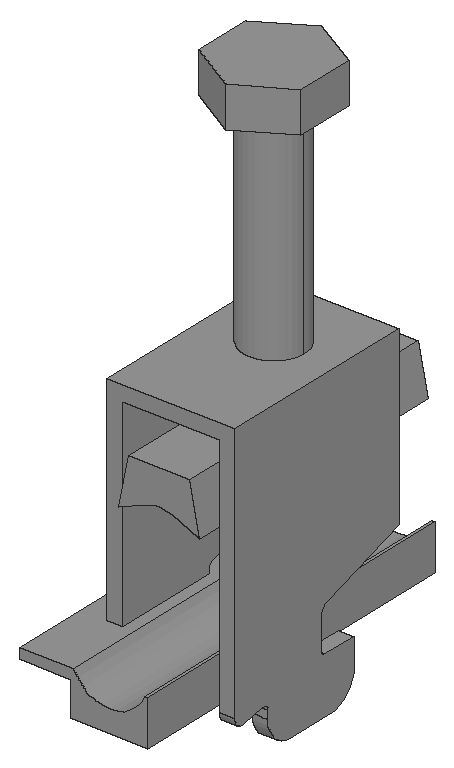
Revit family "Bügelschellen für Schirmanschluss", category Generic Models, Revit 2015
Parameters (values of type "2056N SAS 8 VA")
  Width = 12.467 mm
  URL = "http://www.obo-bettermann.com"
  Radius = 3.8 mm
  Material = Stainless Steel
  Manufacturer Art.No. = "1167006"
  Manufacturer = "OBO Bettermann"
  Length = 20 mm
  Height 5 = 1.543 mm
  Height 4 = 4.4 mm
  Height 3 = 4.8 mm
  Height 2 = 1.4 mm
  Height 1 = 26.3 mm
  Height = 30 mm
  GTIN = "4012195432371"
  Article Type = "2056N SAS 8 VA"
Types (6, lengths in mm): name | Width | Radius | Manufacturer Art.No. | Height 5 | Height 4 | Height 3 | Height 2 | Height 1 | Height | GTIN | Article Type
  (no name) | 12.467 | 3.8 | "1167006" | 1.543 | 4.4 | 4.8 | 1.4 | 26.3 | 30 | "4012195432371" | "2056N SAS 8 VA"
  2056N SAS 8 VA | 12.467 | 3.8 | "1167006" | 1.543 | 4.4 | 4.8 | 1.4 | 26.3 | 30 | "4012195432371" | "2056N SAS 8 VA"
  2056N SAS 12VA | 17 | 5.9 | "1167014" | 1 | 7.4 | 5.3 | 2 | 30.3 | 34 | "4012195432432" | "2056N SAS 12 VA"
  2056N SAS 16VA | 20 | 7.5 | "1167022" | 1.8 | 8.6 | 6.6 | 2.9 | 34.3 | 38 | "4012195432494" | "2056N SAS 16 VA"
  2056N SAS 22 VA | 27 | 11 | "1167030" | 4.2 | 9.7 | 7.6 | 3.6 | 40.3 | 44 | "4012195432555" | "2056N SAS 22 VA"
  2056N SAS 28 VA | 33 | 15 | "1167049" | 6.1 | 11.3 | 9.2 | 5.3 | 47.3 | 51 | "4012195432616" | "2056N SAS 28 VA"
Reference planes
  plane 1 "Center (Front/Back)": y = 0
  plane 2: z = 0
  plane 3 "Center (Left/Right)": x = 0
  plane 4: x = -6.234
  plane 5: x = 6.234
  plane 6: y = 30
  plane 7: y = -30
  plane 8: z = 12.089
  plane 9: z = 38.089
  plane 10: z = 42.089
  plane 11: z = 7.289
  plane 12: y = 16.4
  plane 13: y = -11.4
  plane 14: z = -4
  plane 15: z = -8.4
  plane 16: y = 17.5
  plane 17: y = -17.5
Forms (mm)
  Extrusion 1, solid, material "Stainless Steel" <- "Material"
    sketch origin (0, 0, 0) x (0, 1, 0) y (0, 0, 1)
      loop
        line (10, 17.089) -> (-10, 17.089) -> (-10, -8.26)
        arc (-10, -8.26) -> (-9.648, -8.999) -> (-8.852, -9.19) r 0.951
        line (-8.852, -9.19) -> (-6.599, -8.712)
        arc (-6.599, -8.712) -> (-6.184, -8.811) -> (-6, -9.197) r 0.496
        line (-6, -9.197) -> (-6, -10.038)
        arc (-6, -10.038) -> (-5.158, -12.07) -> (-3.126, -12.911) r 2.874
        line (-3.126, -12.911) -> (1.608, -12.911)
        arc (1.608, -12.911) -> (3.653, -12.064) -> (4.5, -10.019) r 2.892
        line (4.5, -10.019) -> (4.5, -7.411) -> (1.006, -7.411)
        arc (1.006, -7.411) -> (0.648, -7.263) -> (0.5, -6.906) r 0.506
        line (0.5, -6.906) -> (0.5, -3.898)
        arc (0.5, -3.898) -> (0.696, -3.294) -> (1.21, -2.92) r 1.028
        line (1.21, -2.92) -> (10, -0.064) -> (10, 17.089)
    from -6.234 to 6.234
  Extrusion 2, void
    sketch origin (0, 0, 0) x (1, 0, 0) y (0, 0, 1)
      loop
        line (-4.734, 15.589) -> (-4.734, -79.672) -> (4.734, -79.672) -> (4.734, 15.589) -> (-4.734, 15.589)
    from -30 to 30
  Extrusion 3, void
    sketch origin (0, 0, 0) x (1, 0, 0) y (0, 1, 0)
      loop
        circle (0, 2.5) r 3
    from 15.589 to 17.089
  Extrusion 4, solid, material "Stainless Steel" <- "Material"
    sketch origin (0, 0, 0) x (1, 0, 0) y (0, 1, 0)
      loop
        circle (0, 2.5) r 3
    from 12.089 to 38.089
  Extrusion 5, solid, material "Stainless Steel" <- "Material"
    sketch origin (0, 0, 0) x (1, 0, 0) y (0, 1, 0)
      loop
        line (5, 5.387) -> (0, 8.274) -> (-5, 5.387) -> (-5, -0.387) -> (0, -3.274) -> (5, -0.387) -> (5, 5.387)
    from 38.089 to 42.089
  Extrusion 6, solid, material "Stainless Steel" <- "Material"
    sketch origin (0, 0, 0) x (1, 0, 0) y (0, 0, 1)
      loop
        line (-3, 12.089) -> (-3.95, 7.289) -> (3.95, 7.289) -> (3, 12.089) -> (-3, 12.089)
    from -16.4 to 11.4
  Extrusion 7, void
    sketch origin (0, 0, 0) x (1, 0, 0) y (0, 0, 1)
      loop
        line (-3.95, 7.289) -> (3.95, 7.289) -> (1.29, 8.463)
        arc (1.29, 8.463) -> (0, 8.689) -> (-1.29, 8.463) r 3.8
        line (-1.29, 8.463) -> (-3.95, 7.289)
    from -16.4 to 11.4
  Extrusion 8, solid, material "Stainless Steel" <- "Material"
    sketch origin (0, 0, 0) x (1, 0, 0) y (0, 0, 1)
      loop
        line (-8.734, -4) -> (-8.734, -5) -> (-3.734, -5) -> (-3.734, -8.4) -> (3.734, -8.4) -> (3.734, -4) -> (-8.734, -4)
    from -17.5 to 17.5
  Extrusion 9, void
    sketch origin (0, 0, 0) x (1, 0, 0) y (0, 0, 1)
      loop
        circle (0, -2.457) r 3.8
    from -17.5 to 17.5
Cuts and joins
  Extrusion 2, Extrusion 3 cuts Extrusion 1
  Extrusion 7 cuts Extrusion 6
  Extrusion 9 cuts Extrusion 8
Dimensions and locks
  "Height": Extrusion 1 sketch curve to Extrusion 1 sketch curve
  locked: Extrusion 1 sketch curve to level at 17.089
  "Length": Extrusion 1 sketch curve to Extrusion 1 sketch curve
  equal spacing: Extrusion 1 sketch curve, plane 1 "Center (Front/Back)", Extrusion 1 sketch curve
  locked: Extrusion 1 sketch curve to Extrusion 1 sketch curve at 4
  "Height 1": Extrusion 1 sketch curve to Extrusion 1 sketch curve
  locked: Extrusion 1 sketch curve to Extrusion 1 sketch curve at 10.5  (x2)
  locked: Extrusion 1 sketch curve to Extrusion 1 sketch curve at 5.5
  "Width": plane 4 to plane 5
  equal spacing: plane 4, plane 3 "Center (Left/Right)", plane 5
  locked: plane 6 to plane 7 at 60
  locked: plane 6 to plane 1 "Center (Front/Back)" at 30
  locked: Extrusion 2 sketch curve to Extrusion 1 at 1.5  (x2)
  locked: Extrusion 1 to Extrusion 2 sketch curve at 1.5
  locked: Extrusion 2 sketch curve to Extrusion 2 sketch curve at 95.261
  locked: cut or joined group of Extrusion 1, Extrusion 2, Extrusion 3 to Extrusion 3 sketch curve at 7.5
  locked: cut or joined group of Extrusion 1, Extrusion 2, Extrusion 3 to plane 8 at 5
  locked: plane 9 to plane 8 at 26
  locked: plane 10 to plane 9 at 4
  "Height 3": plane 8 to plane 11
  plane 12 to cut or joined group of Extrusion 1, Extrusion 2, Extrusion 3 = 6.4 mm
  locked: plane 13 to cut or joined group of Extrusion 1, Extrusion 2, Extrusion 3 at 1.4
  locked: level to plane 14 at 4
  "Height 4": plane 14 to plane 15
  locked: Extrusion 8 sketch curve to Extrusion 8 sketch curve at 1
  locked: Extrusion 8 sketch curve to cut or joined group of Extrusion 1, Extrusion 2, Extrusion 3 at 2.5
  locked: cut or joined group of Extrusion 1, Extrusion 2, Extrusion 3 to Extrusion 8 sketch curve at 1  (x2)
  locked: plane 17 to cut or joined group of Extrusion 1, Extrusion 2, Extrusion 3 at 7.5
  locked: plane 16 to cut or joined group of Extrusion 1, Extrusion 2, Extrusion 3 at 7.5
  locked: Extrusion 5 sketch curve to Extrusion 5 sketch curve at 10  (x3)
  locked: plane 3 "Center (Left/Right)" to Extrusion 5 sketch curve at 5
  locked: plane 1 "Center (Front/Back)" to Extrusion 5 sketch curve at 8.274
  locked: cut or joined group of Extrusion 1, Extrusion 2, Extrusion 3 to Extrusion 6 sketch curve at 0.784  (x2)
  "Height 2": Extrusion 7 sketch curve to Extrusion 7 sketch curve
  "Height 5": Extrusion 9 sketch curve to cut or joined group of Extrusion 8, Extrusion 9
  radius of Extrusion 3 sketch curve = 3 mm
  "Radius": radius of Extrusion 7 sketch curve
  "Radius": radius of Extrusion 9 sketch curve
  locked: Extrusion 1 sketch curve to Extrusion 1 sketch curve (angle 78.00°)
  locked: Extrusion 1 sketch curve to Extrusion 1 sketch curve (angle 72.00°)
  aligned and locked: level to plane 2
  aligned and locked: Extrusion 1 to plane 4
  aligned and locked: plane 5 to Extrusion 1
  aligned and locked: Extrusion 2 to plane 6
  aligned and locked: Extrusion 2 to plane 7
  aligned and locked: Extrusion 3 to Extrusion 2
  aligned and locked: Extrusion 1 to Extrusion 3
  aligned and locked: Extrusion 4 sketch curve to cut or joined group of Extrusion 1, Extrusion 2, Extrusion 3  (x2)
  aligned and locked: Extrusion 4 to plane 8
  aligned and locked: plane 9 to Extrusion 4
  aligned and locked: Extrusion 5 to Extrusion 4
  aligned and locked: plane 10 to Extrusion 5
  aligned and locked: Extrusion 6 sketch curve to Extrusion 4
  aligned and locked: Extrusion 4 to Extrusion 6 sketch curve
  aligned and locked: Extrusion 6 sketch curve to plane 11
  aligned and locked: plane 12 to Extrusion 6
  aligned and locked: Extrusion 6 to plane 13
  aligned and locked: Extrusion 7 to Extrusion 6  (x2)
  aligned and locked: plane 16 to Extrusion 8
  aligned and locked: Extrusion 8 to plane 17
  aligned and locked: Extrusion 7 sketch curve to cut or joined group of Extrusion 6, Extrusion 7
  aligned and locked: Extrusion 9 to Extrusion 8
  aligned and locked: Extrusion 8 to Extrusion 9
Automatic sketch dimensions
  Extrusion 1 sketch curve to Extrusion 1 sketch curve = 0.951 mm
  Extrusion 1 sketch curve to Extrusion 1 sketch curve = 0.198 mm
  Extrusion 1 sketch curve to Extrusion 1 sketch curve = 0.599 mm
  Extrusion 1 sketch curve to Extrusion 1 sketch curve = 0.496 mm
  Extrusion 1 sketch curve to Extrusion 1 sketch curve = 2.874 mm
  Extrusion 1 sketch curve to Extrusion 1 sketch curve = 0.506 mm
  Extrusion 1 sketch curve to plane 1 "Center (Front/Back)" = 1.21 mm
  Extrusion 1 sketch curve to plane 1 "Center (Front/Back)" = 1.528 mm
  Extrusion 1 sketch curve to plane 1 "Center (Front/Back)" = 1.608 mm
  Extrusion 1 sketch curve to Extrusion 1 sketch curve = 3.008 mm
  Extrusion 3 sketch curve to plane 3 "Center (Left/Right)" = 0 mm
  Extrusion 6 sketch curve to plane 3 "Center (Left/Right)" = 3 mm
  plane 3 "Center (Left/Right)" to Extrusion 6 sketch curve = 3 mm
  Extrusion 8 sketch curve to plane 14 = 0 mm
  Extrusion 8 sketch curve to plane 15 = 0 mm
  Extrusion 5 sketch curve to plane 3 "Center (Left/Right)" = 0 mm  (x2)
  Extrusion 5 sketch curve to Extrusion 5 sketch curve = 2.887 mm
  Extrusion 7 sketch curve to plane 3 "Center (Left/Right)" = 0 mm
  Extrusion 7 sketch curve to plane 3 "Center (Left/Right)" = 1.29 mm
  plane 3 "Center (Left/Right)" to Extrusion 7 sketch curve = 1.29 mm
  Extrusion 7 sketch curve to plane 5 = 2.284 mm
  plane 4 to Extrusion 7 sketch curve = 2.284 mm
  Extrusion 9 sketch curve to plane 3 "Center (Left/Right)" = 0 mm
